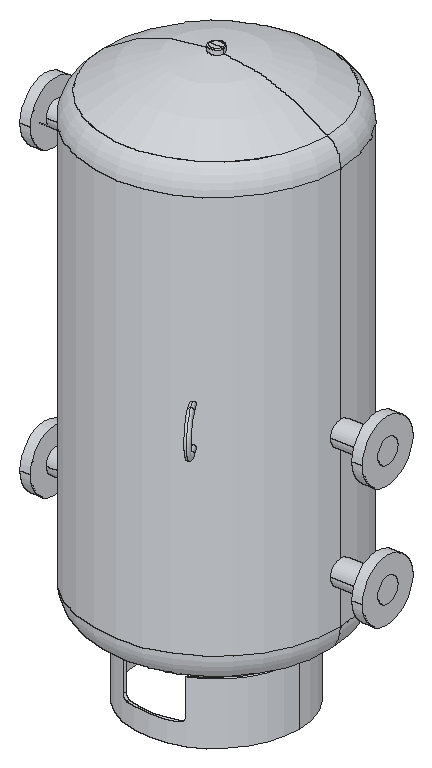
Revit family "HWBT-120-2-2-125 and 150", category Mechanical Equipment, Revit 2014
Parameters (values of type "HWBT-120-2-2-125 and 150")
  Tank Weight = "267 lbs @ 125, 294 lbs @ 150"
  Tank Volume = "120 Gal"
  Tank Height = "55 3/4\""
  Tank Diameter = "24\""
  Note = "All dimensions and weights are approximate"
  Maximum Acceptance Volume = "N/A"
  Max Operating Temp = "450° F"
  Max Operating Pressure = "125psi, or 150psi (depending on model)"
  Connector Size = "2\""
Reference planes (in)
  plane 1 "Center (Front/Back)": y = 0
  plane 2: z = 0
  plane 3 "Center (Left/Right)": x = 0
Forms (in)
  Extrusion 1, solid
    sketch origin (0, 0, 0) x (0, 1, 0) y (0, 0, 1)
      loop
        circle (0, 15) r 1.19
    from 0 to 16.5
  Extrusion 2, solid
    sketch origin (0, 0, 0) x (0, 1, 0) y (0, 0, 1)
      loop
        circle (0, 45) r 1.19
    from 0 to -16.5
  Extrusion 3, solid
    sketch origin (0, 0, 0) x (0, 1, 0) y (0, 0, 1)
      loop
        circle (0, 45) r 3
    from -15.5 to -16.5
  Extrusion 4, solid
    sketch origin (0, 0, 0) x (0, 1, 0) y (0, 0, 1)
      loop
        circle (0, 15) r 3
    from 15.5 to 16.5
  Extrusion 5, solid
    sketch origin (0, 0, 0) x (1, 0, 0) y (0, 1, 0)
      loop
        circle (0, 0) r 7.75261
      loop
        circle (0, 0) r 8
    from 0 to 6
  Extrusion 6, void
    sketch origin (0, 0, 0) x (1, 0, 0) y (0, 0, 1)
      loop
        line (-3, 6) -> (-3, 2.5)
        arc (-3, 2.5) -> (-2.85355, 2.14645) -> (-2.5, 2) r 0.5
        line (-2.5, 2) -> (2.5, 2)
        arc (2.5, 2) -> (2.85355, 2.14645) -> (3, 2.5) r 0.5
        line (3, 2.5) -> (3, 6.75) -> (-3, 6.75) -> (-3, 6)
    from 0 to 12
  Revolve 7, solid
    sketch origin (0, 0, 0) x (1, 0, 0) y (0, 0, 1)
      loop
        line (0, 56.26304) -> (-0.625, 56.26304)
        arc (-0.625, 56.26304) -> (-0.66919, 56.24473) -> (-0.6875, 56.20054) r 0.0625
        line (-0.6875, 56.20054) -> (-0.6875, 55.75002)
        arc (-0.6875, 55.75002) -> (-6.00045, 54.74293) -> (-10.78124, 52.21592) r 18.158
        arc (-10.78124, 52.21592) -> (-11.67803, 51.15405) -> (-12, 49.80196) r 3
        line (-12, 49.80196) -> (-12, 10.22411)
        arc (-12, 10.22411) -> (-11.67803, 8.87202) -> (-10.78124, 7.81016) r 3
        arc (-10.78124, 7.81016) -> (-6.00045, 5.28314) -> (-0.6875, 4.27606) r 18.158
        line (-0.6875, 4.27606) -> (-0.6875, 3.82554)
        arc (-0.6875, 3.82554) -> (-0.66919, 3.78134) -> (-0.625, 3.76304) r 0.0625
        line (-0.625, 3.76304) -> (0, 3.76304) -> (0, 56.26304)
      axis (0, 56.26304) -> (0, 3.76304)
    angle from 0 to 360
  Sweep 8, solid
    path origin (-3.10312, 4.94253, -16.53947) x (0.511725, -0.85915, 0) y (0, 0, 1)
      loop
        line (17.83546, 48.42089) -> (18.83546, 48.42089)
        arc (18.83546, 48.42089) -> (20.71046, 46.54589) -> (18.83546, 44.67089) r 1.875
        line (18.83546, 44.67089) -> (17.83546, 44.67089)
    profile origin (6.27959, -10.81038, 31.88142) x (0, 0, 1) y (-0.85915, -0.511725, 0)
      loop
        circle (0, 0) r 0.25
  Extrusion 9, solid
    sketch origin (0, 0, 0) x (0, 1, 0) y (0, 0, 1)
      loop
        circle (0, 15) r 1.19
    from 0 to -16.5
  Extrusion 10, solid
    sketch origin (0, 0, 0) x (0, 1, 0) y (0, 0, 1)
      loop
        circle (0, 27) r 1.19
    from 0 to 16.5
  Extrusion 11, solid
    sketch origin (0, 0, 0) x (0, 1, 0) y (0, 0, 1)
      loop
        circle (0, 27) r 3
    from 15.5 to 16.5
  Extrusion 12, solid
    sketch origin (0, 0, 0) x (0, 1, 0) y (0, 0, 1)
      loop
        circle (0, 15) r 3
    from -15.5 to -16.5
Cuts and joins
  Extrusion 6 cuts Extrusion 5
Dimensions and locks (in)
  aligned and locked: level to plane 2
